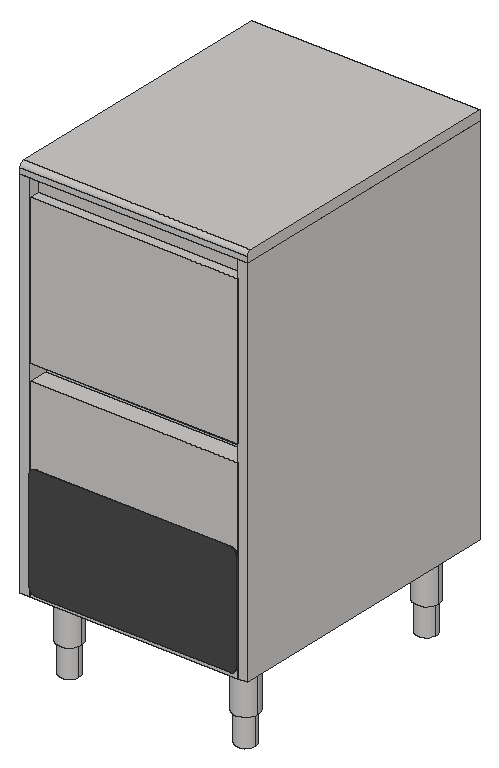
Revit family "QF_ELECTROLUXPROFESSIONAL_730310_ICB47I20SNP", category Attrezzature speciali, Revit 2018
Family settings
  Quota connettore circolare = Usa diametro
  Tipo di parte = Normale
  Basato su piano di lavoro = No
  Sempre verticale = Sì
  Taglio con vuoti quando caricato = No
  Condiviso = No
  Punto di calcolo locali = No
Parameters (values of type "Standard")
  Weight = 45.00 kg
  Watts = 0 W
  Volts = 220 V
  URL Manufacturer = "https://www.electroluxprofessional.com/"
  URL = "https://www.electroluxprofessional.com/"
  Steam Supply Size = 0 mm
  Steam Supply Minimum Pressure = 0.0 Pa
  Steam Supply Maximum Pressure = 0.0 Pa
  Steam Pounds per Hour = 0
  Show Logo [instance] = yes
  Show Clearance [instance] = yes
  Refrigeration Suction Line Size = 0 mm
  Refrigeration Liquid Line Size = 0 mm
  Refrigerant Compressor Remote = yes
  Produttore = "Electrolux Professional"
  Phase = 1
  Modello = "ICB47I20SNP"
  Length Actual = 465 mm  # constant formula
  Item Number = "730310"
  Hot Water Size = 0 mm
  Height Actual = 894 mm  # constant formula
  HP = "0 HP"
  Gas Size = 0 mm
  Gas KW = 0
  Gas Input Pressure = 0 W
  Descrizione = "WATER COOLED ICE CUBER 22GR 47KG/24H-BIN 20KG"
  Depth Actual = 595 mm  # constant formula
  Cycle = 50 Hz
  Condensate Return Size = 0 mm
  Compressed Air Volume = 0.0 L/s
  Compressed Air Size = 0 mm
  Compressed Air Pressure = 0.0 Pa
  Cold Water Size = 19.05 mm
  Accessory = yes
Reference planes
  plane 1 "Center X": y = 272.851
  plane 2: z = 0
  plane 3 "Center Y": x = -501.5
  plane 4 "LEFT": x = -734
  plane 5 "RIGHT": x = -269
  plane 6 "FRONT": y = -24.149
  plane 7 "BACK": y = 569.851
  plane 8: z = 155
  plane 9: z = 944
  plane 10: z = 924
  plane 11: x = -714
  plane 12: x = -289
  plane 13: y = 15.851
Forms (mm)
  Extrusion 1, solid, material "QF_Finishes_Black"
    sketch origin (-217.296, -24.149, 371.513) x (-1, 0, 0) y (0, 0, -1)
      loop
        arc (481.704, -21.487) -> (492.311, -17.093) -> (496.704, -6.487) r 15
        line (496.704, -6.487) -> (496.704, 194.469)
        arc (496.704, 194.469) -> (492.311, 205.075) -> (481.704, 209.469) r 15
        line (481.704, 209.469) -> (86.704, 209.469)
        arc (86.704, 209.469) -> (76.097, 205.075) -> (71.704, 194.469) r 15
        line (71.704, 194.469) -> (71.704, -6.487)
        arc (71.704, -6.487) -> (76.097, -17.093) -> (86.704, -21.487) r 15
        line (86.704, -21.487) -> (481.704, -21.487)
    from 0 to 2
  Extrusion 2, solid, material "QF_Finishes_Stainless Steel"
    sketch origin (-501.5, 0, 0) x (0, 1, 0) y (0, 0, 1)
      loop
        line (569.851, 924) -> (569.851, 944) -> (-14.149, 944)
        arc (-14.149, 944) -> (-21.22, 941.071) -> (-24.149, 934) r 10
        line (-24.149, 934) -> (-24.149, 924) -> (569.851, 924)
    from -232.5 to 232.5
  Extrusion 3, solid, material "QF_Finishes_Stainless Steel"
    sketch origin (-321.2, 569.851, -329.545) x (1, 0, 0) y (0, 0, -1)
      loop
        circle (-16.8, -655.545) r 10
    from 0 to 10
  Extrusion 4, solid, material "QF_Finishes_Stainless Steel"
    sketch origin (0, 0, 0) x (1, 0, 0) y (0, 1, 0)
      loop
        line (-734, 569.851) -> (-734, -24.149) -> (-714, -24.149) -> (-714, 569.851) -> (-734, 569.851)
    from 155 to 924
  Extrusion 5, solid, material "QF_Finishes_Stainless Steel"
    sketch origin (0, 0, 0) x (1, 0, 0) y (0, 1, 0)
      loop
        line (-289, 569.851) -> (-289, -24.149) -> (-269, -24.149) -> (-269, 569.851) -> (-289, 569.851)
    from 155 to 924
  Extrusion 6, solid, material "QF_Finishes_Stainless Steel"
    sketch origin (0, 0, 0) x (1, 0, 0) y (0, 1, 0)
      loop
        line (-714, 569.851) -> (-714, 15.851) -> (-289, 15.851) -> (-289, 569.851) -> (-714, 569.851)
    from 155 to 924
  Extrusion 7, solid, material "QF_Finishes_Stainless Steel"
    sketch origin (0, 0, 0) x (1, 0, 0) y (0, 1, 0)
      loop
        line (-714, -24.149) -> (-289, -24.149) -> (-289, 15.851) -> (-714, 15.851) -> (-714, -24.149)
    from 155 to 550.848
  Extrusion 8, solid, material "QF_Finishes_Stainless Steel"
    sketch origin (-501.5, 0, 0) x (0, 1, 0) y (0, 0, 1)
      loop
        line (15.851, 924) -> (-4.149, 924) -> (-4.149, 888) -> (-24.149, 888) -> (-24.149, 584.768) -> (-4.149, 584.768) -> (-4.149, 569) -> (15.851, 569) -> (15.851, 924)
    from -212.5 to 212.5
  Extrusion 9, solid, material "QF_Finishes_Stainless Steel"
    sketch origin (-303.2, 569.851, -440.545) x (1, 0, 0) y (0, 0, -1)
      loop
        circle (-16.8, -655.545) r 10
    from 0 to 10
  Extrusion 10, solid, material "QF_Finishes_Stainless Steel"
    sketch origin (-363.2, 569.851, -361.545) x (1, 0, 0) y (0, 0, -1)
      loop
        circle (-16.8, -655.545) r 10
    from 0 to 10
Lines and regions (mm)
  Split face 1
    outline origin (-501.5, -4.149, 924) x (0, 0, -1) y (1, 0, 0)
      loop
        line (5.715, 89.928) -> (30.715, 89.928) -> (30.715, 129.928) -> (5.715, 129.928) -> (5.715, 89.928)
  symbolic lines
    curve 1: line (-734, 569.851, 0) -> (-269, 569.851, 0)
    curve 2: line (-734, -24.149, 0) -> (-734, 569.851, 0)
    curve 3: line (-269, -24.149, 0) -> (-734, -24.149, 0)
    curve 4: line (-269, 569.851, 0) -> (-269, -24.149, 0)
Dimensions and locks
  equal spacing: plane 4 "LEFT", plane 3 "Center Y", plane 5 "RIGHT"
  plane 4 "LEFT" to plane 5 "RIGHT" = 465 mm
  equal spacing: plane 7 "BACK", plane 1 "Center X", plane 6 "FRONT"
  plane 7 "BACK" to plane 6 "FRONT" = 594 mm
  plane 8 to plane 2 = 155 mm
  plane 9 to plane 8 = 789 mm
  locked: plane 4 "LEFT" to plane 11 at 20
  locked: plane 12 to plane 5 "RIGHT" at 20
  locked: plane 9 to plane 10 at 20
  locked: plane 13 to plane 6 "FRONT" at 40
  aligned and locked: level to plane 2
  aligned and locked: plane 5 "RIGHT" to Extrusion 2
  aligned and locked: Extrusion 2 to plane 4 "LEFT"
  aligned and locked: Extrusion 4 sketch curve to Extrusion 2  (x2)
  aligned and locked: plane 6 "FRONT" to Extrusion 4 sketch curve
  aligned and locked: Extrusion 4 sketch curve to plane 11
  aligned and locked: Extrusion 5 sketch curve to plane 7 "BACK"
  aligned and locked: plane 12 to Extrusion 5 sketch curve
  aligned and locked: Extrusion 5 sketch curve to Extrusion 2  (x2)
  aligned and locked: plane 10 to Extrusion 4
  aligned and locked: plane 10 to Extrusion 5
  aligned and locked: Extrusion 4 to plane 8
  aligned and locked: Extrusion 5 to plane 8
  aligned and locked: Extrusion 6 sketch curve to Extrusion 4
  aligned and locked: Extrusion 4 to Extrusion 6 sketch curve
  aligned and locked: plane 13 to Extrusion 6 sketch curve
  aligned and locked: Extrusion 6 sketch curve to plane 12
  aligned and locked: plane 10 to Extrusion 6
  aligned and locked: Extrusion 6 to plane 8
  aligned and locked: Extrusion 4 to Extrusion 7 sketch curve
  aligned and locked: Extrusion 7 sketch curve to Extrusion 4
  aligned and locked: plane 13 to Extrusion 7 sketch curve
  aligned and locked: plane 12 to Extrusion 7 sketch curve
  aligned and locked: Extrusion 7 to plane 8
  aligned and locked: plane 12 to Extrusion 8
  aligned and locked: Extrusion 8 to plane 11
Automatic sketch dimensions
  curve 3 to plane 4 "LEFT" = 0 mm
  curve 3 to plane 5 "RIGHT" = 0 mm
  curve 3 to plane 6 "FRONT" = 0 mm
  curve 2 to plane 7 "BACK" = 0 mm
  Extrusion 1 sketch curve to plane 12 = 0 mm
  plane 8 to Extrusion 1 sketch curve = 7.044 mm
  Extrusion 1 sketch curve to Extrusion 1 sketch curve = 15 mm  (x3)
  plane 11 to Extrusion 1 sketch curve = 15 mm  (x2)
  Extrusion 1 sketch curve to Extrusion 1 sketch curve = 200.956 mm
  Extrusion 2 sketch curve to plane 6 "FRONT" = 0 mm
  Extrusion 2 sketch curve to plane 9 = 0 mm
  Extrusion 2 sketch curve to plane 7 "BACK" = 0 mm
  Extrusion 2 sketch curve to plane 10 = 0 mm
  plane 6 "FRONT" to Extrusion 2 sketch curve = 10 mm
  Extrusion 6 to Extrusion 3 sketch curve = 171 mm
  Extrusion 3 sketch curve to Extrusion 6 = 49 mm
  Extrusion 8 sketch curve to plane 6 "FRONT" = 0 mm
  Extrusion 8 sketch curve to plane 10 = 0 mm
  Extrusion 8 sketch curve to plane 13 = 0 mm
  plane 6 "FRONT" to Extrusion 8 sketch curve = 20 mm  (x2)
  Extrusion 8 sketch curve to plane 10 = 36 mm
  Extrusion 8 sketch curve to Extrusion 8 sketch curve = 303.232 mm
  Extrusion 8 sketch curve to Extrusion 8 sketch curve = 15.768 mm
  Split face 1 sketch curve to Extrusion 8 = 5.715 mm
  Extrusion 8 to Split face 1 sketch curve = 5.285 mm
  Split face 1 sketch curve to Extrusion 8 = 122.572 mm
  Split face 1 sketch curve to Split face 1 sketch curve = 40 mm
  Extrusion 9 sketch curve to Extrusion 6 = 31 mm
  Extrusion 6 to Extrusion 9 sketch curve = 60 mm
  Extrusion 10 sketch curve to Extrusion 6 = 91 mm
  Extrusion 6 to Extrusion 10 sketch curve = 139 mm
  radius of Extrusion 3 sketch curve = 10 mm
  radius of Extrusion 9 sketch curve = 10 mm
  radius of Extrusion 10 sketch curve = 10 mm
Nested families
  nested 1: "Foot_Complete" at (-682, 36.851, 0), type "Foot_Complete"
    with H 155 mm
  nested 2: "Foot_Complete" at (-321, 36.851, 0) x (-1, 0, 0) z (0, 0, 1), type "Foot_Complete"
    with H 155 mm
  nested 3: "Foot_Complete" at (-682, 498.851, 0), type "Foot_Complete"
    with H 155 mm
  nested 4: "Foot_Complete" at (-321, 498.851, 0) x (-1, 0, 0) z (0, 0, 1), type "Foot_Complete"
    with H 155 mm
Connectors
  electrical at (-320, 579.851, 215), driven by "Volts"
    settings: on Extrusion 9, index 1, voltage 220 V, apparent load 0 VA, apparent load phase1 0 VA, apparent load phase2 0 VA, apparent load phase3 0 VA, power factor 1, load classification "Altro", number of poles 1, system type 30, power factor state 1, is connector primary yes, connector utility no, sub classification motor no, connector description "Electrical Connection"
  piping at (-338, 579.851, 326), diameter 20
    settings: on Extrusion 3, index 2, connector inside diameter 609.6 mm, connector length 0 mm, flow factor 0, pipe flow 0.0 L/s, pressure drop 0.0 Pa, fitting loss kfactor 0, connector angle 0.00°, fixture units 0, engagement length 0 mm, angle of deflection 0.00°, flow configuration 0, flow direction 0, fitting loss method 0, system type 20, joint type 0, gender type 0, connector reference index -1, connector utility 0, adjustable connector no, is connector primary yes, connector description "Cold water"
  piping at (-380, 579.851, 294), diameter 20
    settings: on Extrusion 10, index 3, connector inside diameter 609.6 mm, connector length 0 mm, flow factor 0, pipe flow 0.0 L/s, pressure drop 0.0 Pa, fitting loss kfactor 0, connector angle 0.00°, fixture units 0, engagement length 0 mm, angle of deflection 0.00°, flow configuration 0, flow direction 0, fitting loss method 0, system type 16, joint type 0, gender type 0, connector reference index -1, connector utility 0, adjustable connector no, is connector primary no, connector description "Drain"
Definition of nested family "Foot_Complete"
  Parameters (values of type "Foot_Complete")
    R = 25 mm
    H = 153 mm
  Reference planes
    plane 1 "Centro (Fronte/Retro)": y = 0
    plane 2: z = 0
    plane 3 "Centro (Sinistra/Destra)": x = 0
    plane 4: z = 153
  Forms (mm)
    Revolve 1, solid
      sketch origin (255.05, 0, 608.09) x (0, 0, 1) y (-1, 0, 0)
        loop
          line (-608.09, 255.05) -> (-608.09, 235.05) -> (-548.09, 235.05) -> (-548.09, 230.05) -> (-455.09, 230.05) -> (-455.09, 255.05) -> (-608.09, 255.05)
        axis (-608.09, 255.05) -> (-455.09, 255.05)
      angle from 0 to 360
  Dimensions and locks
    level to Revolve 1 sketch curve = 60 mm
    "R": Revolve 1 sketch curve to plane 3 "Centro (Sinistra/Destra)"
    "H": plane 4 to level
    aligned and locked: level to plane 2
    aligned and locked: plane 4 to Revolve 1 sketch curve
    aligned and locked: Revolve 1 sketch curve to level
    aligned and locked: plane 3 "Centro (Sinistra/Destra)" to Revolve 1 sketch curve
  Automatic sketch dimensions
    Revolve 1 sketch curve to plane 3 "Centro (Sinistra/Destra)" = 0 mm
    plane 3 "Centro (Sinistra/Destra)" to Revolve 1 sketch curve = 20 mm
    Revolve 1 sketch curve to Revolve 1 sketch curve = 50 mm
    Revolve 1 sketch curve to Revolve 1 sketch curve = 20 mm
